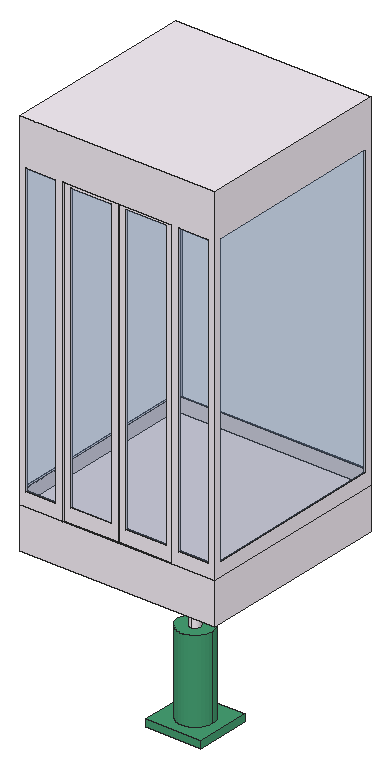
Revit family
Parameters (values of type "Lift with Hydraulic Ram")
  Vis - Hydraulic Ram = yes
  Vis - Hoistway Placement Lines = yes
  Stile Top Rail = 100 mm
  Stile Shutting = 50 mm
  Stile Hanging Rail = 50 mm
  Stile Bottom = 100 mm
  Skirting Ht = 100 mm
  Hoistway Depth = 1800 mm
  Hoistway Width = 1900 mm
  Roof Thickness = 250 mm
  Material Solid panel = Stainless Steel
  Material Lift Car = Stainless Steel
  Material Glass = Glass
  Lift Car Width = 1400 mm
  Lift Rise = 1500 mm
  Lift Height = 2300 mm
  Lift Car Depth = 1400 mm
  Glazing Thickness = 12 mm
  Floor Thickness = 300 mm
  Floor Offset = Glazing Thickness  # 12 mm
  Door Opening = 800 mm
  Door Offset = 25 mm
  Cornice Ht = 75 mm
Types (3, lengths in mm): name | Vis - Hydraulic Ram
  (no name) | yes
  Lift with Hydraulic Ram | yes
  Lift without Hydraulic Ram | no
Reference planes
  plane 1 "Center (Front/Back)": y = 51.925
  plane 2: z = 0
  plane 3 "Center (Left/Right)": x = 34.486
  plane 4 "LHS Car": x = -665.514
  plane 5 "RHS Car": x = 734.486
  plane 6 "Back Car": y = 751.925
  plane 7 "Front Car": y = -648.075
  plane 8: z = 2300
  plane 9: z = -300
  plane 10: z = 100
  plane 11: z = 2550
  plane 12: x = -915.514
  plane 13: x = 984.486
  plane 14: y = -848.075
  plane 15: y = 951.925
  plane 16: x = -365.514
  plane 17: x = 434.486
  plane 18: y = -348.075
  plane 19: y = 451.925
  plane 20: x = -365.514
  plane 21: x = 434.486
  plane 22: y = 401.925
  plane 23: y = -298.075
  plane 24: x = -315.514
  plane 25: x = 384.486
  plane 26: x = 34.486
  plane 27: y = 51.925
  plane 28: z = 2225
  plane 29: z = -1500
Forms (mm)
  Extrusion 1, solid, material "Stainless Steel" <- "Material Lift Car"
    sketch origin (0, 0, 0) x (1, 0, 0) y (0, 1, 0)
      loop
        line (-677.514, 763.925) -> (-677.514, -660.075) -> (746.486, -660.075) -> (746.486, 763.925) -> (-677.514, 763.925)
    from 0 to -300
  Extrusion 2, solid, material "Stainless Steel" <- "Material Lift Car"
    sketch origin (0, 0, 0) x (1, 0, 0) y (0, 1, 0)
      loop
        line (746.486, 763.925) -> (-677.514, 763.925) -> (-677.514, -660.075) -> (746.486, -660.075) -> (746.486, 763.925)
    from 2550 to 2300
  Extrusion 3, solid, material "Stainless Steel" <- "Material Lift Car"
    sketch origin (0, 0, 0) x (1, 0, 0) y (0, 1, 0)
      loop
        line (704.486, 751.925) -> (734.486, 751.925) -> (734.486, 721.925) -> (746.486, 721.925) -> (746.486, 763.925) -> (704.486, 763.925) -> (704.486, 751.925)
      loop
        line (704.486, -648.075) -> (704.486, -660.075) -> (746.486, -660.075) -> (746.486, -618.075) -> (734.486, -618.075) -> (734.486, -648.075) -> (704.486, -648.075)
      loop
        line (-635.514, 751.925) -> (-635.514, 763.925) -> (-677.514, 763.925) -> (-677.514, 721.925) -> (-665.514, 721.925) -> (-665.514, 751.925) -> (-635.514, 751.925)
      loop
        line (-635.514, -648.075) -> (-665.514, -648.075) -> (-665.514, -618.075) -> (-677.514, -618.075) -> (-677.514, -660.075) -> (-635.514, -660.075) -> (-635.514, -648.075)
    from 2300 to 0
  Extrusion 4, solid, material "Stainless Steel" <- "Material Lift Car"
    sketch origin (0, 0, 0) x (1, 0, 0) y (0, 1, 0)
      loop
        line (734.486, 721.925) -> (734.486, -618.075) -> (746.486, -618.075) -> (746.486, 721.925) -> (734.486, 721.925)
      loop
        line (704.486, -648.075) -> (434.486, -648.075) -> (434.486, -660.075) -> (704.486, -660.075) -> (704.486, -648.075)
      loop
        line (-635.514, -648.075) -> (-635.514, -660.075) -> (-365.514, -660.075) -> (-365.514, -648.075) -> (-635.514, -648.075)
      loop
        line (-665.514, -618.075) -> (-665.514, 721.925) -> (-677.514, 721.925) -> (-677.514, -618.075) -> (-665.514, -618.075)
      loop
        line (-635.514, 751.925) -> (704.486, 751.925) -> (704.486, 763.925) -> (-635.514, 763.925) -> (-635.514, 751.925)
    from 100 to 0
  Extrusion 5, solid, material "Glass" <- "Material Glass"
    sketch origin (0, 0, 0) x (1, 0, 0) y (0, 1, 0)
      loop
        line (734.486, 721.925) -> (734.486, -618.075) -> (746.486, -618.075) -> (746.486, 721.925) -> (734.486, 721.925)
    from 2225 to 100
  Extrusion 6, solid, material "Stainless Steel" <- "Material Lift Car"
    sketch origin (0, 0, 2300) x (0, -1, 0) y (-1, 0, 0)
      loop
        line (-751.925, -704.486) -> (-751.925, 635.514) -> (-763.925, 635.514) -> (-763.925, -704.486) -> (-751.925, -704.486)
      loop
        line (-721.925, -746.486) -> (618.075, -746.486) -> (618.075, -734.486) -> (-721.925, -734.486) -> (-721.925, -746.486)
      loop
        line (618.075, 677.514) -> (-721.925, 677.514) -> (-721.925, 665.514) -> (618.075, 665.514) -> (618.075, 677.514)
      loop
        line (660.075, -704.486) -> (660.075, 635.514) -> (648.075, 635.514) -> (648.075, -704.486) -> (660.075, -704.486)
    from 75 to 0
  Extrusion 7, solid, material "Stainless Steel" <- "Material Lift Car"
    sketch origin (0, 0, 2300) x (0, -1, 0) y (-1, 0, 0)
      loop
        line (648.075, 365.514) -> (660.075, 365.514) -> (660.075, 415.514) -> (648.075, 415.514) -> (648.075, 365.514)
      loop
        line (648.075, -434.486) -> (648.075, -484.486) -> (660.075, -484.486) -> (660.075, -434.486) -> (648.075, -434.486)
    from 2200 to 75
  Extrusion 8, solid, material "Glass" <- "Material Glass"
    sketch origin (0, 0, 2300) x (0, -1, 0) y (-1, 0, 0)
      loop
        line (660.075, 635.514) -> (648.075, 635.514) -> (648.075, 415.514) -> (660.075, 415.514) -> (660.075, 635.514)
      loop
        line (660.075, -484.486) -> (648.075, -484.486) -> (648.075, -704.486) -> (660.075, -704.486) -> (660.075, -484.486)
      loop
        line (618.075, 677.514) -> (-721.925, 677.514) -> (-721.925, 665.514) -> (618.075, 665.514) -> (618.075, 677.514)
      loop
        line (-763.925, 635.514) -> (-763.925, -704.486) -> (-751.925, -704.486) -> (-751.925, 635.514) -> (-763.925, 635.514)
    from 2200 to 75
Cuts and joins
  joined: Extrusion 2, Extrusion 3, Extrusion 4, Extrusion 6, Extrusion 7
Lines and regions (mm)
  symbolic lines, style "Lift"
    curve 1: line (-665.514, 751.925, 0) -> (734.486, -648.075, 0)
    curve 2: line (734.486, 751.925, 0) -> (-665.514, -648.075, 0)
    curve 3: line (-677.514, 763.925, 0) -> (-677.514, -660.075, 0)
    curve 4: line (746.486, 763.925, 0) -> (-677.514, 763.925, 0)
    curve 5: line (-677.514, -660.075, 0) -> (746.486, -660.075, 0)
    curve 6: line (746.486, -660.075, 0) -> (746.486, 763.925, 0)
  symbolic lines, style "Lift", visible <- "Vis - Hoistway Placement Lines"
    curve 7: line (-915.514, 951.925, 2300) -> (984.486, 951.925, 2300)
    curve 8: line (-915.514, -848.075, 2300) -> (-915.514, 951.925, 2300)
    curve 9: line (984.486, -848.075, 2300) -> (-915.514, -848.075, 2300)
    curve 10: line (984.486, 951.925, 2300) -> (984.486, -848.075, 2300)
Dimensions and locks
  equal spacing: plane 7 "Front Car", plane 1 "Center (Front/Back)", plane 6 "Back Car"
  "Lift Car Depth": plane 7 "Front Car" to plane 6 "Back Car"
  equal spacing: plane 4 "LHS Car", plane 3 "Center (Left/Right)", plane 5 "RHS Car"
  "Lift Car Width": plane 4 "LHS Car" to plane 5 "RHS Car"
  "Lift Height": plane 8 to level
  "Roof Thickness": plane 11 to plane 8
  "Skirting Ht": plane 10 to level
  "Floor Thickness": level to plane 9
  equal spacing: plane 14, plane 1 "Center (Front/Back)", plane 15
  equal spacing: plane 12, plane 3 "Center (Left/Right)", plane 13
  "Hoistway Width": plane 12 to plane 13
  "Hoistway Depth": plane 14 to plane 15
  "Floor Offset": Extrusion 1 sketch curve to plane 4 "LHS Car"
  "Floor Offset": plane 6 "Back Car" to Extrusion 1 sketch curve
  "Floor Offset": plane 5 "RHS Car" to Extrusion 1 sketch curve
  "Floor Offset": plane 7 "Front Car" to Extrusion 1 sketch curve
  equal spacing: plane 20, plane 3 "Center (Left/Right)", plane 21
  equal spacing: plane 19, plane 1 "Center (Front/Back)", plane 18
  equal spacing: plane 16, plane 3 "Center (Left/Right)", plane 17
  "Door Opening": plane 16 to plane 17
  "Door Opening": plane 19 to plane 18
  "Door Opening": plane 20 to plane 21
  "Glazing Thickness": plane 6 "Back Car" to Extrusion 3 sketch curve  (x2)
  "Glazing Thickness": plane 5 "RHS Car" to Extrusion 3 sketch curve  (x2)
  "Glazing Thickness": plane 7 "Front Car" to Extrusion 3 sketch curve
  "Glazing Thickness": Extrusion 3 sketch curve to plane 4 "LHS Car"  (x2)
  "Glazing Thickness": Extrusion 3 sketch curve to plane 7 "Front Car"
  "Glazing Thickness": plane 7 "Front Car" to Extrusion 4 sketch curve  (x2)
  "Glazing Thickness": plane 5 "RHS Car" to Extrusion 4 sketch curve
  equal spacing: plane 7 "Front Car", plane 23, plane 27, plane 22, plane 6 "Back Car"
  equal spacing: plane 4 "LHS Car", plane 24, plane 26, plane 25, plane 5 "RHS Car"
  "Cornice Ht": plane 8 to plane 28
  "Glazing Thickness": plane 7 "Front Car" to Extrusion 7 sketch curve  (x2)
  "Lift Rise": level to plane 29
  Extrusion 7 sketch curve to plane 16 = 50 mm
  plane 17 to Extrusion 7 sketch curve = 50 mm
  aligned and locked: plane 9 to Extrusion 1
  aligned and locked: level to Extrusion 1
  aligned and locked: Extrusion 2 sketch curve to Extrusion 1  (x4)
  aligned and locked: Extrusion 2 to plane 11
  aligned and locked: plane 8 to Extrusion 2
  aligned and locked: Extrusion 3 sketch curve to plane 7 "Front Car"
  aligned and locked: Extrusion 3 sketch curve to plane 5 "RHS Car"
  aligned and locked: plane 4 "LHS Car" to Extrusion 3 sketch curve
  aligned and locked: Extrusion 3 sketch curve to plane 6 "Back Car"
  aligned and locked: Extrusion 3 sketch curve to plane 4 "LHS Car"
  aligned and locked: plane 7 "Front Car" to Extrusion 3 sketch curve
  aligned and locked: Extrusion 3 to plane 8
  aligned and locked: Extrusion 3 to level
  aligned and locked: Extrusion 4 sketch curve to plane 7 "Front Car"
  aligned and locked: plane 7 "Front Car" to Extrusion 4 sketch curve
  aligned and locked: Extrusion 4 sketch curve to plane 5 "RHS Car"
  aligned and locked: Extrusion 4 to level
  aligned and locked: Extrusion 4 to plane 10
  aligned and locked: cut or joined group of Extrusion 2, Extrusion 3, Extrusion 4, Extrusion 6, Extrusion 7 to Extrusion 5 sketch curve
  aligned and locked: Extrusion 1 to Extrusion 5 sketch curve
  aligned and locked: Extrusion 5 sketch curve to cut or joined group of Extrusion 2, Extrusion 3, Extrusion 4, Extrusion 6, Extrusion 7  (x2)
  aligned and locked: plane 10 to Extrusion 5
  aligned and locked: cut or joined group of Extrusion 2, Extrusion 3, Extrusion 4, Extrusion 6, Extrusion 7 to Extrusion 6 sketch curve  (x3)
  aligned and locked: Extrusion 6 sketch curve to cut or joined group of Extrusion 2, Extrusion 3, Extrusion 4, Extrusion 6, Extrusion 7  (x6)
  aligned and locked: Extrusion 2 to Extrusion 6 sketch curve  (x3)
  aligned and locked: Extrusion 6 sketch curve to Extrusion 5  (x3)
  aligned and locked: Extrusion 6 to plane 8
  aligned and locked: plane 28 to Extrusion 6
  aligned and locked: Extrusion 7 sketch curve to plane 7 "Front Car"
  aligned and locked: plane 7 "Front Car" to Extrusion 7 sketch curve
  aligned and locked: Extrusion 7 to plane 28
  aligned and locked: plane 10 to Extrusion 7
  aligned and locked: Extrusion 8 to plane 28
  aligned and locked: plane 10 to Extrusion 8
  aligned and locked: Extrusion 5 to cut or joined group of Extrusion 2, Extrusion 3, Extrusion 4, Extrusion 6, Extrusion 7
  aligned and locked: plane 3 "Center (Left/Right)" to nested 1
  aligned and locked: nested 1 to plane 7 "Front Car"
  aligned and locked: nested 2 to plane 26
  aligned and locked: plane 27 to nested 2
  aligned and locked: plane 29 to nested 2
  aligned and locked: Extrusion 1 to curve 3
  aligned and locked: curve 5 to cut or joined group of Extrusion 2, Extrusion 3, Extrusion 4, Extrusion 6, Extrusion 7
  aligned and locked: curve 6 to cut or joined group of Extrusion 2, Extrusion 3, Extrusion 4, Extrusion 6, Extrusion 7
  aligned and locked: plane 16 to Extrusion 4 sketch curve
  aligned and locked: plane 17 to Extrusion 4 sketch curve
  aligned and locked: Extrusion 7 sketch curve to plane 16
  aligned and locked: Extrusion 7 sketch curve to plane 17
  aligned and locked: Extrusion 8 sketch curve to cut or joined group of Extrusion 2, Extrusion 3, Extrusion 4, Extrusion 6, Extrusion 7  (x2)
Automatic sketch dimensions
  Extrusion 3 sketch curve to plane 6 "Back Car" = 0 mm
  Extrusion 3 sketch curve to plane 5 "RHS Car" = 0 mm
  plane 5 "RHS Car" to Extrusion 3 sketch curve = 30 mm  (x2)
  plane 6 "Back Car" to Extrusion 3 sketch curve = 30 mm
  plane 7 "Front Car" to Extrusion 3 sketch curve = 30 mm
  Extrusion 3 sketch curve to plane 4 "LHS Car" = 30 mm  (x2)
  Extrusion 3 sketch curve to Extrusion 3 sketch curve = 30 mm  (x2)
  Extrusion 4 sketch curve to plane 4 "LHS Car" = 0 mm
  Extrusion 4 sketch curve to plane 6 "Back Car" = 0 mm
  Extrusion 4 sketch curve to plane 4 "LHS Car" = 30 mm  (x2)
  plane 5 "RHS Car" to Extrusion 4 sketch curve = 30 mm  (x2)
  plane 7 "Front Car" to Extrusion 4 sketch curve = 30 mm  (x2)
  plane 6 "Back Car" to Extrusion 4 sketch curve = 30 mm  (x2)
  Extrusion 4 sketch curve to plane 6 "Back Car" = 12 mm
  Extrusion 6 sketch curve to plane 6 "Back Car" = 12 mm
  Extrusion 8 sketch curve to plane 6 "Back Car" = 0 mm
  Extrusion 8 sketch curve to plane 7 "Front Car" = 0 mm  (x2)
  Extrusion 8 sketch curve to Extrusion 8 sketch curve = 12 mm  (x3)
  plane 4 "LHS Car" to Extrusion 8 sketch curve = 12 mm
  plane 7 "Front Car" to Extrusion 8 sketch curve = 30 mm
  Extrusion 8 sketch curve to plane 4 "LHS Car" = 30 mm  (x2)
  plane 5 "RHS Car" to Extrusion 8 sketch curve = 30 mm  (x2)
  plane 4 "LHS Car" to Extrusion 4 sketch curve = 12 mm
  Extrusion 8 sketch curve to plane 4 "LHS Car" = 0 mm
  plane 6 "Back Car" to Extrusion 8 sketch curve = 30 mm
  curve 2 to plane 4 "LHS Car" = 0 mm
  curve 1 to plane 4 "LHS Car" = 0 mm
  curve 2 to plane 5 "RHS Car" = 0 mm
  curve 1 to plane 5 "RHS Car" = 0 mm
  curve 1 to plane 7 "Front Car" = 0 mm
  curve 2 to plane 7 "Front Car" = 0 mm
  curve 2 to plane 6 "Back Car" = 0 mm
  curve 1 to plane 6 "Back Car" = 0 mm
  curve 7 to plane 13 = 0 mm
  curve 7 to plane 15 = 0 mm
  curve 9 to plane 12 = 0 mm
  curve 9 to plane 14 = 0 mm
Nested families
  nested 1: "UK_Glass Lift Doors" at (11.149, -673.075, 0), type "UK_Glass Lift Doors"
    with Stile Shutting 50 mm, Stile - Top Rail 100 mm
  nested 2: "UK_Hydraulic Lift Piston" at (0, 58.533, -1500), Lift Height <- "Lift Rise", visible <- "Vis - Hydraulic Ram", type "UK_Hydraulic Lift Piston"
    with Lift Height 1500 mm
Definition of nested family "UK_Glass Lift Doors"
  Parameters
    Stile Shutting = 75 mm
    Stile Hanging = 50 mm
    Stile - Top Rail = 75 mm
    Stile - Bottom Rail = 100 mm
    Material Glazing = Glass
    Material Door Surround = Stainless Steel
    Glazing Thickness = 12 mm
    Door Width = 800 mm
    Door Panel Height = 2300 mm
    Door Offset = 25 mm
  Reference planes
    plane 1 "Center (Front/Back)": y = 0
    plane 2: z = 0
    plane 3 "Center (Left/Right)": x = 23.337
    plane 4: x = -376.663
    plane 5: x = 423.337
    plane 6: x = -326.663
    plane 7: x = 373.337
    plane 8: y = 25
    plane 9: x = -51.663
    plane 10: x = 98.337
    plane 11: z = 2300
    plane 12: z = 2225
    plane 13: z = 100
    plane 14: y = 37
  Forms (mm)
    Extrusion 1, solid, material "Stainless Steel" <- "Material Door Surround"
      sketch origin (0, 25, 0) x (1, 0, 0) y (0, 0, 1)
        loop
          line (-376.663, 2300) -> (-376.663, 0) -> (22.337, 0) -> (22.337, 2300) -> (-376.663, 2300)
        loop
          line (-326.663, 2225) -> (-326.663, 100) -> (-51.663, 100) -> (-51.663, 2225) -> (-326.663, 2225)
        loop
          line (423.337, 0) -> (423.337, 2300) -> (24.337, 2300) -> (24.337, 0) -> (423.337, 0)
        loop
          line (98.337, 2225) -> (98.337, 100) -> (373.337, 100) -> (373.337, 2225) -> (98.337, 2225)
      from 0 to -12
    Extrusion 2, solid, material "Glass" <- "Material Glazing"
      sketch origin (0, 25, 0) x (1, 0, 0) y (0, 0, 1)
        loop
          line (-326.663, 2225) -> (-326.663, 100) -> (-51.663, 100) -> (-51.663, 2225) -> (-326.663, 2225)
        loop
          line (98.337, 100) -> (373.337, 100) -> (373.337, 2225) -> (98.337, 2225) -> (98.337, 100)
      from 0 to -12
  Dimensions and locks
    equal spacing: plane 4, plane 3 "Center (Left/Right)", plane 5
    "Stile Hanging": plane 4 to plane 6
    "Stile Hanging": plane 7 to plane 5
    "Door Offset": plane 1 "Center (Front/Back)" to plane 8
    "Stile Shutting": plane 9 to plane 3 "Center (Left/Right)"
    "Stile Shutting": plane 3 "Center (Left/Right)" to plane 10
    "Door Panel Height": plane 11 to level
    "Stile - Top Rail": plane 11 to plane 12
    "Stile - Bottom Rail": plane 13 to level
    "Glazing Thickness": plane 8 to plane 14
    locked: plane 3 "Center (Left/Right)" to Extrusion 1 sketch curve at 1
    locked: Extrusion 1 sketch curve to plane 3 "Center (Left/Right)" at 1
    "Door Width": plane 4 to plane 5
    aligned and locked: Extrusion 1 to plane 14
    aligned and locked: Extrusion 2 to plane 14
  Automatic sketch dimensions
    Extrusion 1 sketch curve to level = 0 mm  (x2)
    Extrusion 1 sketch curve to plane 4 = 0 mm
    Extrusion 1 sketch curve to plane 6 = 0 mm
    Extrusion 1 sketch curve to plane 9 = 0 mm
    Extrusion 1 sketch curve to plane 11 = 0 mm  (x2)
    Extrusion 1 sketch curve to plane 10 = 0 mm
    Extrusion 1 sketch curve to plane 7 = 0 mm
    Extrusion 1 sketch curve to plane 5 = 0 mm
    Extrusion 1 sketch curve to plane 13 = 0 mm  (x2)
    Extrusion 1 sketch curve to plane 12 = 0 mm  (x2)
    Extrusion 2 sketch curve to plane 6 = 0 mm
    Extrusion 2 sketch curve to plane 9 = 0 mm
    Extrusion 2 sketch curve to plane 10 = 0 mm
    Extrusion 2 sketch curve to plane 7 = 0 mm
    Extrusion 2 sketch curve to plane 13 = 0 mm  (x2)
    Extrusion 2 sketch curve to plane 12 = 0 mm  (x2)
Definition of nested family "UK_Hydraulic Lift Piston"
  Parameters
    Vis - Ram = yes
    Ram Radius = 35 mm
    Ram Diameter = Ram Radius * 2  # 70 mm
    Piston Base Radius = 125 mm
    Piston Base Diameter = Piston Base Radius  # 125 mm
    Piston Base Depth = 600 mm
    Material Piston = Stainless Steel
    Material Base = Paint - Yellow
    Lift Floor Depth = 300 mm
    Lift Height [instance] = 4000 mm
    Base Thickness = 50 mm
    Base Size = 400 mm
  Reference planes
    plane 1 "Center (Front/Back)": y = -6.608
    plane 2: z = 0
    plane 3 "Center (Left/Right)": x = 34.486
    plane 4: x = -165.514
    plane 5: x = 234.486
    plane 6: y = 193.392
    plane 7: y = -206.608
    plane 8: z = 50
    plane 9: z = 650
    plane 10: z = 4000
    plane 11: z = 3700
  Forms (mm)
    Extrusion 1, solid, material "Paint - Yellow" <- "Material Base", visible <- "Vis - Ram"
      sketch origin (0, 0, 0) x (1, 0, 0) y (0, 1, 0)
        loop
          line (-165.514, -206.608) -> (234.486, -206.608) -> (234.486, 193.392) -> (-165.514, 193.392) -> (-165.514, -206.608)
      from 0 to 50
    Extrusion 2, solid, material "Paint - Yellow" <- "Material Base", visible <- "Vis - Ram"
      sketch origin (0, 0, 0) x (1, 0, 0) y (0, 1, 0)
        loop
          circle (34.486, -6.608) r 125
      from 50 to 650
    Extrusion 3, solid, material "Stainless Steel" <- "Material Piston", visible <- "Vis - Ram"
      sketch origin (0, 0, 650) x (0, -1, 0) y (-1, 0, 0)
        loop
          circle (6.608, -34.486) r 35
      from 0 to -3050
  Dimensions and locks
    equal spacing: plane 7, plane 1 "Center (Front/Back)", plane 6
    "Base Size": plane 7 to plane 6
    equal spacing: plane 4, plane 3 "Center (Left/Right)", plane 5
    "Base Size": plane 4 to plane 5
    "Base Thickness": plane 8 to level
    "Piston Base Depth": plane 9 to plane 8
    "Lift Height": plane 10 to level
    "Lift Floor Depth": plane 10 to plane 11
    "Piston Base Radius": radius of Extrusion 2 sketch curve
    "Ram Radius": radius of Extrusion 3 sketch curve
    aligned and locked: Extrusion 1 to plane 8
    aligned and locked: plane 8 to Extrusion 2
    aligned and locked: Extrusion 2 to plane 9
    aligned and locked: Extrusion 3 to plane 11
  Automatic sketch dimensions
    Extrusion 1 sketch curve to plane 4 = 0 mm
    Extrusion 1 sketch curve to plane 5 = 0 mm
    Extrusion 1 sketch curve to plane 7 = 0 mm
    Extrusion 1 sketch curve to plane 6 = 0 mm
    Extrusion 2 sketch curve to plane 1 "Center (Front/Back)" = 0 mm
    Extrusion 2 sketch curve to plane 3 "Center (Left/Right)" = 0 mm
    Extrusion 3 sketch curve to plane 1 "Center (Front/Back)" = 0 mm
    Extrusion 3 sketch curve to plane 3 "Center (Left/Right)" = 0 mm
